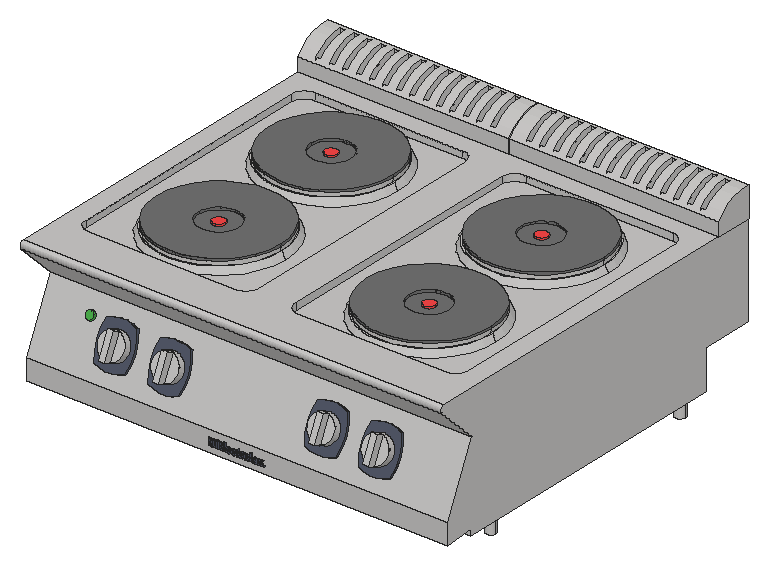
Revit family "QF_ELECTROLUXPROFESSIONAL_371127_E7ECEH4R0N", category Specialty Equipment, Revit 2018 (continued)
Automatic sketch dimensions
  Extrusion 8 sketch curve to Extrusion 8 sketch curve = 0.472 mm
  Extrusion 8 sketch curve to Extrusion 8 sketch curve = 0.101 mm
  Extrusion 8 sketch curve to Extrusion 8 sketch curve = 0.54 mm
  Extrusion 8 sketch curve to Extrusion 8 sketch curve = 0.02 mm
  Extrusion 8 sketch curve to Extrusion 8 sketch curve = 0.468 mm
  Extrusion 8 sketch curve to Extrusion 8 sketch curve = 0.829 mm
  Extrusion 8 sketch curve to Extrusion 8 sketch curve = 0.582 mm
  Extrusion 8 sketch curve to Extrusion 8 sketch curve = 0.166 mm
  Extrusion 8 sketch curve to Extrusion 8 sketch curve = 0.16 mm
  Extrusion 8 sketch curve to Extrusion 8 sketch curve = 2.781 mm
  Extrusion 8 sketch curve to Extrusion 8 sketch curve = 1.118 mm
  Extrusion 8 sketch curve to Extrusion 8 sketch curve = 0.613 mm
  Extrusion 8 sketch curve to Extrusion 8 sketch curve = 0.361 mm
  Extrusion 8 sketch curve to Extrusion 8 sketch curve = 0.897 mm
  Extrusion 8 sketch curve to Extrusion 8 sketch curve = 0.167 mm
  Extrusion 8 sketch curve to Extrusion 8 sketch curve = 0.292 mm
  Extrusion 8 sketch curve to Extrusion 8 sketch curve = 0.305 mm
  Extrusion 8 sketch curve to Extrusion 8 sketch curve = 1.557 mm
  Extrusion 8 sketch curve to Extrusion 8 sketch curve = 2.499 mm
  Extrusion 8 sketch curve to Extrusion 8 sketch curve = 3.062 mm
  Extrusion 8 sketch curve to Extrusion 8 sketch curve = 2.968 mm
  Extrusion 8 sketch curve to Extrusion 8 sketch curve = 5.044 mm
  Extrusion 8 sketch curve to Extrusion 8 sketch curve = 0.629 mm  (x2)
  Extrusion 8 sketch curve to Extrusion 8 sketch curve = 1.131 mm
  Extrusion 8 sketch curve to Extrusion 8 sketch curve = 0.137 mm
  Extrusion 8 sketch curve to Extrusion 8 sketch curve = 0.027 mm
  Extrusion 8 sketch curve to Extrusion 8 sketch curve = 2.235 mm
  Extrusion 9 sketch curve to plane 10 "TOP A" = 0 mm
  Extrusion 9 sketch curve to plane 1 "BACK" = 0 mm
  plane 1 "BACK" to Extrusion 9 sketch curve = 4.947 mm
  plane 6 "TOP" to Extrusion 9 sketch curve = 11.113 mm
  plane 1 "BACK" to Extrusion 9 sketch curve = 69.85 mm
  Extrusion 9 sketch curve to plane 10 "TOP A" = 24.807 mm
  plane 1 "BACK" to Extrusion 10 sketch curve = 6.761 mm  (x14)
  Extrusion 10 sketch curve to Extrusion 10 sketch curve = 57.15 mm
  Extrusion 10 sketch curve to Extrusion 10 sketch curve = 0 mm  (x13)
  Extrusion 10 sketch curve to Extrusion 10 sketch curve = 9.296 mm  (x14)
  Extrusion 10 sketch curve to Extrusion 10 sketch curve = 16.193 mm  (x13)
  Extrusion 11 sketch curve to plane 10 "TOP A" = 0 mm
  Extrusion 11 sketch curve to plane 1 "BACK" = 0 mm
  plane 1 "BACK" to Extrusion 11 sketch curve = 4.947 mm
  plane 6 "TOP" to Extrusion 11 sketch curve = 11.113 mm
  plane 1 "BACK" to Extrusion 11 sketch curve = 69.85 mm
  Extrusion 11 sketch curve to plane 10 "TOP A" = 24.807 mm
  plane 1 "BACK" to Extrusion 12 sketch curve = 6.761 mm  (x14)
  Extrusion 12 sketch curve to Extrusion 12 sketch curve = 57.15 mm
  Extrusion 12 sketch curve to Extrusion 12 sketch curve = 0 mm  (x13)
  plane 7 "Center Y" to Extrusion 12 sketch curve = 29.703 mm
  Extrusion 12 sketch curve to Extrusion 12 sketch curve = 9.296 mm  (x14)
  Extrusion 12 sketch curve to Extrusion 12 sketch curve = 16.193 mm  (x13)
  Extrusion 1 to Extrusion 13 sketch curve = 35.025 mm
  Extrusion 13 sketch curve to Extrusion 13 sketch curve = 25.4 mm  (x6)
  Extrusion 13 sketch curve to Extrusion 13 sketch curve = 279.2 mm  (x2)
  Extrusion 1 to Extrusion 13 sketch curve = 103.359 mm
  Extrusion 13 sketch curve to Extrusion 13 sketch curve = 70.05 mm
  Extrusion 1 to Extrusion 13 sketch curve = 60.425 mm  (x2)
  Extrusion 1 to Extrusion 13 sketch curve = 77.959 mm
  Extrusion 1 to Extrusion 13 sketch curve = 130.285 mm
  Extrusion 13 sketch curve to Extrusion 13 sketch curve = 0 mm
  Extrusion 14 sketch curve to Extrusion 14 sketch curve = 0 mm
  Extrusion 14 sketch curve to Extrusion 14 sketch curve = 12.3 mm  (x3)
  Extrusion 14 sketch curve to Extrusion 14 sketch curve = 34.925 mm  (x2)
  Extrusion 14 sketch curve to Extrusion 14 sketch curve = 46.691 mm
  Extrusion 14 sketch curve to Extrusion 14 sketch curve = 25.114 mm
  Extrusion 16 sketch curve to Extrusion 16 sketch curve = 24.732 mm
  Extrusion 16 sketch curve to Extrusion 16 sketch curve = 0 mm
  Extrusion 17 sketch curve to plane 4 "RIGHT" = 119.333 mm
  Extrusion 17 sketch curve to Extrusion 17 sketch curve = 0 mm
  Extrusion 17 sketch curve to Extrusion 17 sketch curve = 12.3 mm  (x3)
  Extrusion 17 sketch curve to Extrusion 17 sketch curve = 34.925 mm  (x2)
  Extrusion 17 sketch curve to Extrusion 17 sketch curve = 46.691 mm
  Extrusion 17 sketch curve to Extrusion 17 sketch curve = 25.727 mm
  Extrusion 17 sketch curve to Extrusion 17 sketch curve = 26.344 mm
  Extrusion 17 sketch curve to Extrusion 17 sketch curve = 28.57 mm
  Extrusion 19 sketch curve to Extrusion 19 sketch curve = 24.732 mm
  Extrusion 19 sketch curve to Extrusion 19 sketch curve = 0 mm
  plane 7 "Center Y" to Extrusion 20 sketch curve = 178.217 mm
  Extrusion 20 sketch curve to Extrusion 20 sketch curve = 0 mm
  Extrusion 20 sketch curve to Extrusion 20 sketch curve = 12.3 mm  (x3)
  Extrusion 20 sketch curve to Extrusion 20 sketch curve = 34.925 mm  (x2)
  Extrusion 20 sketch curve to Extrusion 20 sketch curve = 46.691 mm
  Extrusion 20 sketch curve to Extrusion 20 sketch curve = 25.727 mm
  Extrusion 20 sketch curve to Extrusion 20 sketch curve = 26.344 mm
  Extrusion 20 sketch curve to Extrusion 20 sketch curve = 28.57 mm
  Extrusion 22 sketch curve to Extrusion 22 sketch curve = 24.732 mm
  Extrusion 22 sketch curve to Extrusion 22 sketch curve = 0 mm
  curve 37 to curve 37 = 9.296 mm
  curve 35 to curve 38 = 16.193 mm
  plane 3 "LEFT" to Extrusion 5 sketch curve = 119.333 mm
  Extrusion 5 sketch curve to Extrusion 5 sketch curve = 0.617 mm
  Extrusion 5 sketch curve to Extrusion 5 sketch curve = 28.57 mm
  Extrusion 5 sketch curve to Extrusion 5 sketch curve = 29.185 mm
  plane 3 "LEFT" to Extrusion 10 sketch curve = 29.703 mm
  Extrusion 14 sketch curve to plane 7 "Center Y" = 178.217 mm
  Extrusion 14 sketch curve to Extrusion 14 sketch curve = 0.617 mm
  Extrusion 14 sketch curve to Extrusion 14 sketch curve = 29.185 mm
  Extrusion 1 to Extrusion 23 sketch curve = 38.77 mm
  Extrusion 1 to Extrusion 23 sketch curve = 89.384 mm
  curve 4 to curve 7 = 69.85 mm
  plane 3 "LEFT" to curve 128 = 35.025 mm
  curve 128 to curve 129 = 25.4 mm
  curve 127 to curve 127 = 25.4 mm
  plane 11 to curve 125 = 21.6 mm
  curve 125 to plane 7 "Center Y" = 60.425 mm
  curve 58 to curve 123 = 4.062 mm
  curve 125 to curve 125 = 25.4 mm
  curve 129 to plane 12 = 17.353 mm
  curve 131 to plane 12 = 17.353 mm
  plane 7 "Center Y" to curve 131 = 35.025 mm
  curve 130 to curve 132 = 25.4 mm
  curve 137 to curve 137 = 25.4 mm
  curve 135 to plane 4 "RIGHT" = 60.425 mm
  curve 133 to plane 12 = 17.353 mm
  curve 133 to plane 4 "RIGHT" = 60.425 mm
  plane 11 to curve 136 = 47 mm
  radius of Extrusion 2 sketch curve = 9.525 mm  (x4)
  radius of Extrusion 3 sketch curve = 12.7 mm
  radius of Extrusion 6 sketch curve = 25.4 mm
  radius of Extrusion 7 sketch curve to Extrusion 6 = 0 mm  (x2)
  radius of Extrusion 15 sketch curve = 25.4 mm
  radius of Extrusion 16 sketch curve to Extrusion 15 = 0 mm  (x2)
  radius of Extrusion 18 sketch curve = 25.4 mm
  radius of Extrusion 19 sketch curve to Extrusion 18 = 0 mm  (x2)
  radius of Extrusion 21 sketch curve = 25.4 mm
  radius of Extrusion 22 sketch curve to Extrusion 21 = 0 mm  (x2)
  radius of Extrusion 23 sketch curve = 8 mm
Nested families
  nested 1: "371128_QF_Electrolux_HOT PLATES" at (72.525, -113.898, 261.938), type "371128_QF_Electrolux_HOT PLATES"
    with Type Mark "", Specification by User "", Revision Code "", Item Number "", Installed By "", Identify Quantity as Lot yes, Furnished By "", Foodservice Equipment Identifier yes
  nested 2: "371128_QF_Electrolux_HOT PLATES" at (72.525, -635.872, 261.938), type "371128_QF_Electrolux_HOT PLATES"
    with Type Mark "", Specification by User "", Revision Code "", Item Number "", Installed By "", Identify Quantity as Lot yes, Furnished By "", Foodservice Equipment Identifier yes
  nested 3: "371128_QF_Electrolux_HOT PLATES" at (727.575, -113.898, 261.938) x (-1, 0, 0) z (0, 0, 1), type "371128_QF_Electrolux_HOT PLATES"
    with Type Mark "", Specification by User "", Revision Code "", Item Number "", Installed By "", Identify Quantity as Lot yes, Furnished By "", Foodservice Equipment Identifier yes
  nested 4: "371128_QF_Electrolux_HOT PLATES" at (727.575, -635.872, 261.938) x (-1, 0, 0) z (0, 0, 1), type "371128_QF_Electrolux_HOT PLATES"
    with Type Mark "", Specification by User "", Revision Code "", Item Number "", Installed By "", Identify Quantity as Lot yes, Furnished By "", Foodservice Equipment Identifier yes
Connectors
  electrical at (747.712, -98.425, 60.325), driven by "Volts", driven by "Watts"
    settings: on Extrusion 3, index 1, voltage 230 V, apparent load 10400 VA, apparent load phase1 0 VA, apparent load phase2 0 VA, apparent load phase3 0 VA, power factor 1, load classification "Other", number of poles 1, system type 30, power factor state 1, is connector primary yes, connector utility no, sub classification motor no, connector description "Electrical Connection"
Definition of nested family "371128_QF_Electrolux_HOT PLATES"
  Parameters
    Width = 255 mm  # constant formula
    Weight in Pounds = 0
    URL Cutsheet = ""
    URL = ""
    Type Mark [instance] = ""
    Specification by User [instance] = ""
    Specification by Manufacturer = ""
    Serial Number = ""
    Seismic Rating = ""
    SMACNA No = ""
    Revision Code [instance] = ""
    Omniclass Number and Title = ""
    NAFEM Spec ID Number = ""
    Model = ""
    Masterspec = ""
    Manufacturer = ""
    Item Number [instance] = ""
    Installed By [instance] = ""
    Identify Quantity as Lot [instance] = yes
    Height = 23 mm  # constant formula
    Furnished By [instance] = ""
    Foodservice Equipment Identifier [instance] = yes
    Description = ""
    Depth = 255 mm  # constant formula
    CSI MasterFormat = ""
    CSI Master Format = ""
    Assembly Code = ""
  Reference planes
    plane 1 "BACK": y = 0
    plane 2: z = 0
    plane 3 "LEFT": x = 0
    plane 4 "RIGHT": x = 255
    plane 5 "FRONT": y = -255
    plane 6 "TOP": z = 23
    plane 7 "Center Y": x = 127.5
    plane 8 "Center X": y = -127.5
  Forms (mm)
    Extrusion 1, solid
      sketch origin (-72.525, 113.875, 19.181) x (1, 0, 0) y (0, 1, 0)
        loop
          circle (200.025, -241.375) r 117.925
        loop
          circle (200.025, -241.375) r 38.208
      from 0 to 3.819
    Extrusion 2, solid
      sketch origin (-72.525, 113.875, 19.181) x (1, 0, 0) y (0, 1, 0)
        loop
          circle (200.025, -241.375) r 11.669
      from 0 to 1.964
    Extrusion 3, solid
      sketch origin (-72.525, 113.875, 12.7) x (1, 0, 0) y (0, 1, 0)
        loop
          circle (200.025, -241.375) r 38.208
      from 0 to 6.481
    Blend 4, solid
      base sketch origin (-72.525, 113.875, 0) x (1, 0, 0) y (0, 1, 0)
        loop
          circle (200.025, -241.375) r 127.548
      top sketch origin (-72.525, 113.875, 0) x (1, 0, 0) y (0, 1, 0)
        loop
          circle (200.025, -241.375) r 120.402
      from 0 to 11.731
    Extrusion 5, solid
      sketch origin (-72.525, 113.875, 11.731) x (1, 0, 0) y (0, 1, 0)
        loop
          circle (200.025, -241.375) r 117.925
        loop
          circle (200.025, -241.375) r 39.808
      from 0 to 7.45
  Lines and regions (mm)
    symbolic lines
      curve 1: circle (127.5, -127.5, 0) r 11.669 normal (0, 0, 1)
      curve 2: circle (127.5, -127.5, 0) r 38.208 normal (0, 0, 1)
      curve 3: circle (127.5, -127.5, 0) r 120.402 normal (0, 0, 1)
      curve 4: circle (127.5, -127.5, 0) r 127.548 normal (0, 0, 1)
  Dimensions and locks
    equal spacing: plane 3 "LEFT", plane 7 "Center Y", plane 4 "RIGHT"
    "Width": plane 3 "LEFT" to plane 4 "RIGHT"
    equal spacing: plane 5 "FRONT", plane 8 "Center X", plane 1 "BACK"
    "Depth": plane 5 "FRONT" to plane 1 "BACK"
    plane 1 "BACK" to plane 5 "FRONT" = 255 mm
    "Height": plane 6 "TOP" to level
    aligned and locked: level to plane 2
  Automatic sketch dimensions
    Extrusion 3 sketch curve to plane 7 "Center Y" = 0 mm
    Extrusion 3 sketch curve to plane 8 "Center X" = 0 mm
    Blend 4 sketch curve to plane 7 "Center Y" = 0 mm  (x2)
    Blend 4 sketch curve to plane 8 "Center X" = 0 mm  (x2)
    curve 1 to curve 2 = 0 mm  (x2)
    curve 1 to curve 3 = 0 mm  (x2)
    curve 1 to curve 4 = 0 mm  (x2)
    curve 2 to curve 3 = 0 mm  (x2)
    curve 2 to curve 4 = 0 mm  (x2)
    curve 3 to curve 4 = 0 mm  (x2)
    curve 2 to plane 7 "Center Y" = 0 mm
    curve 2 to plane 8 "Center X" = 0 mm
    radius of Extrusion 1 sketch curve to Extrusion 5 = 0 mm
    radius of Extrusion 1 sketch curve to Extrusion 5 = 1.6 mm
    radius of Extrusion 2 sketch curve to Extrusion 3 = 26.539 mm
    radius of Extrusion 3 sketch curve = 38.208 mm
    radius of Blend 4 sketch curve = 127.548 mm
    radius of Blend 4 sketch curve = 120.402 mm
    radius of Extrusion 5 sketch curve to Blend 4 = 2.478 mm
    radius of Extrusion 5 sketch curve to Blend 4 = 80.594 mm
    radius of curve 1 = 11.669 mm
    radius of curve 2 = 38.208 mm
    radius of curve 3 = 120.402 mm
    radius of curve 4 = 127.548 mm
